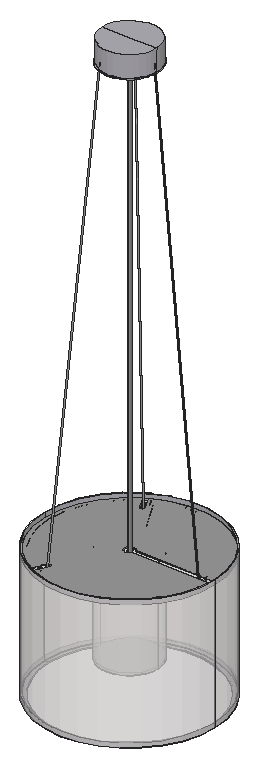
Revit family "Lighting - Lumetta - Pendant - P51814L2", category Lighting Fixtures, host Ceiling, Revit 2015
Parameters
  Wattage = 11.7117 W
  built-in parameter 1150110 = 1 (stored number, unit not read)
  URL = "https://lumetta.com/luminaires/drum-l2-18-pendant/"
  Type Comments = ""
  built-in parameter 1114217 = 1 (stored number, unit not read)
  Top Lens-Material [instance] = Acrylic - 2447 - White
  Top Lens [instance] = yes
  built-in parameter 1150109 = 1 (stored number, unit not read)
  built-in parameter 1150134 = (empty or 0)
  Suspension [instance] = 2
  built-in parameter 1150113 = 1 (stored number, unit not read)
  Stem Hung-ALL Lamping [instance] = Suspension = 3  # no
  Model URL [instance] = "https://lumetta.com/luminaires/drum-l2-18-pendant/"
  Light Source Symbol Size = 0' - 1"
  Diffuser Material-Outer-Inside [instance] = Shade - Lumetta - D61 - MT_White
  1CRD-3CBL- LED-4 Wire [instance] = Suspension = 2  # yes
  Coupling-Stems Over 60 inches [instance] = and([Stem Hung-ALL Lamping], Fixture Drop > 5' 0")  # no
  Model = "P51814 L2"  # constant formula
  Manufacturer = "Lumetta, Inc."  # constant formula
  Lumens = 1300 lm
  built-in parameter 1150115 = 1 (stored number, unit not read)
  built-in parameter 1150105 = 103.45 (stored number, unit not read)
  built-in parameter 1150137 = (empty or 0)
  built-in parameter 1150139 = (empty or 0)
  built-in parameter 1150112 = 1 (stored number, unit not read)
  built-in parameter 1150114 = 1 (stored number, unit not read)
  built-in parameter 1150132 = 1
  built-in parameter 1150102 = (empty or 0)
  built-in parameter 1150138 = (empty or 0)
  built-in parameter 1150107 = 3000 (stored number, unit not read)
  built-in parameter 1150106 = 1.0345 (stored number, unit not read)
  Frame Finish [instance] = Paint - Lumetta - F02 - PC_Chrome
  Fixture Drop [instance] = 4' - 0"
  built-in parameter 1150104 = 10.312 (stored number, unit not read)
  Dimming Lamp Color Temperature Shift = (empty or 0)
  Diffuser Material-Outer [instance] = Shade - Lumetta - D61 - MT_White
  Description = "Drum L2 18'' Pendant"  # constant formula
  Cord [instance] = or(Suspension = 1, Suspension = 2)  # yes
  3 Cables [instance] = or(Suspension = 1, Suspension = 2)  # yes
  1CRD-3CBL-STD and 2 or 3 Wire [instance] = Suspension = 1  # no
  Cord Color [instance] = Cord, Black
  Color Filter = 16777215
  built-in parameter 1114218 = 1 (stored number, unit not read)
  built-in parameter 1150133 = 10 (stored number, unit not read)
Reference planes (in)
  plane 1 "Light Source Axis (F/B)": y = 0
  plane 2 "Ceiling": z = 96
  plane 3 "Light Source Axis (L/R)": x = 0
  plane 4 "Light Source Elevation": z = 45.5
  plane 5 "Fixture-Top": z = 48
  plane 6 "Fixture-Radius": x = 9
  plane 7 "Fixture-Height": z = 34
  plane 8: through (0, 0, 0) normal (-0.5, -0.866, 0)
  plane 9: y = 0
  plane 10: through (0, 0, 0) normal (0.5, -0.866, 0)
  plane 11 "Plane-120": through (-4.5, 7.79423, 0) normal (0.5, -0.866, 0)
  plane 12 "Plane-240": through (-66.85383, 28.20577, 0) normal (0.5, 0.866, 0)
  plane 13: through (0, 0, 0) normal (-0.866, -0.5, 0)
  plane 14: through (0, 0, 0) normal (0.866, -0.5, 0)
Forms (in)
  Revolve 1, solid, material "Paint - Lumetta - F02 - PC_Chrome" <- "Frame Finish", visible <- "1CRD-3CBL-STD and 2 or 3 Wire"
    sketch origin (0, 0, 0) x (1, 0, 0) y (0, 0, 1)
      loop
        line (0, 96) -> (0, 94.9375) -> (0.2793, 94.9375) -> (0.375, 95.4375) -> (3, 95.4375) -> (3, 95.5) -> (2.87509, 95.5) -> (2.87509, 96) -> (0, 96)
      axis (0, 96) -> (0, 94.9375)
    angle from 0 to 360
  Extrusion 2, void
    sketch origin (0, 0, 95.4375) x (0, -1, 0) y (1, 0, 0)
      loop
        circle (0, 0) r 0.25
      loop
        circle (0, 2.5) r 0.06274
      loop
        circle (-2.16506, -1.25) r 0.06274
      loop
        circle (2.16506, -1.25) r 0.06274
    from 0 to 0.06358
  Revolve 3, solid, material "Paint - Lumetta - F02 - PC_Chrome" <- "Frame Finish"
    sketch origin (0, 0, 0) x (1, 0, 0) y (0, 0, 1)
      loop
        line (9, 48) -> (8.93781, 48) -> (8.93781, 47.56373) -> (8.50031, 47.56373) -> (8.50031, 47.50123) -> (9, 47.50123) -> (9, 48)
      loop
        line (9, 34.50004) -> (8.93781, 34.50004) -> (8.93781, 34.06378) -> (8.50031, 34.06378) -> (8.50031, 34) -> (9, 34) -> (9, 34.50004)
      axis (0, 48) -> (0, 34)
    angle from 0 to 360
  Revolve 4, solid, material "Shade - Lumetta - D61 - MT_White" <- "Diffuser Material-Outer"
    sketch origin (0, 0, 0) x (1, 0, 0) y (0, 0, 1)
      loop
        line (9, 48) -> (9, 34) -> (9.06242, 34) -> (9.06242, 48) -> (9, 48)
      axis (0, 48) -> (0, 34)
    angle from 0 to 360
  Revolve 5, solid, material "Paint - Lumetta - F02 - PC_Chrome" <- "Frame Finish", visible <- "1CRD-3CBL- LED-4 Wire"
    sketch origin (0, 0, 0) x (1, 0, 0) y (0, 0, 1)
      loop
        line (0, 96) -> (0, 93.22) -> (0.26563, 93.22) -> (0.36282, 93.72) -> (3, 93.72) -> (3, 93.78) -> (2.875, 93.78) -> (2.875, 96) -> (0, 96)
      axis (0, 96) -> (0, 93.22)
    angle from 0 to 360
  Extrusion 6, solid, material "Paint - Lumetta - F02 - PC_Chrome" <- "Frame Finish", visible <- "Stem Hung-ALL Lamping"
    sketch origin (0, 0, 48) x (0, -1, 0) y (-1, 0, 0)
      loop
        circle (0, 0) r 0.25
    from 0.56254 to -48
  Revolve 7, solid, material "Paint - Lumetta - F02 - PC_Chrome" <- "Frame Finish", visible <- "Coupling-Stems Over 60 inches"
    sketch origin (0, 0, 0) x (1, 0, 0) y (0, 0, 1)
      loop
        line (0, 108.53023) -> (0, 108) -> (0.26233, 108)
        arc (0.26233, 108) -> (0.31307, 108.05074) -> (0.26233, 108.10149) r 0.05074
        arc (0.26233, 108.10149) -> (0.29304, 108.26499) -> (0.26243, 108.42851) r 0.45126
        arc (0.26243, 108.42851) -> (0.31329, 108.47937) -> (0.26243, 108.53023) r 0.05086
        line (0.26243, 108.53023) -> (0, 108.53023)
      axis (0, 108.53023) -> (0, 108)
    angle from 0 to 360
  Revolve 8, solid, material "Paint - Lumetta - F02 - PC_Chrome" <- "Frame Finish", visible <- "Stem Hung-ALL Lamping"
    sketch origin (0, 0, 0) x (1, 0, 0) y (0, 0, 1)
      loop
        line (0, 96) -> (0, 93.40625) -> (0.34988, 93.40625)
        arc (0.34988, 93.40625) -> (0.49124, 93.54417) -> (0.58115, 93.72) r 0.61026
        line (0.58115, 93.72) -> (3, 93.72) -> (3, 93.78) -> (2.875, 93.78) -> (2.875, 96) -> (0, 96)
      axis (0, 96) -> (0, 93.40625)
    angle from 0 to 360
  Extrusion 9, solid, material "Cord, Black" <- "Cord Color", visible <- "Cord"
    sketch origin (0, 0, 48) x (0, -1, 0) y (1, 0, 0)
      loop
        circle (0, 0) r 0.15674
    from -0.56254 to 45.78
  Extrusion 10, solid
    sketch origin (0, 0, 48) x (0, -1, 0) y (1, 0, 0)
      loop
        line (-0.5, 8.48559) -> (-0.5, 7.75) -> (0.5, 7.75) -> (0.5, 8.48559)
        arc (0.5, 8.48559) -> (0, 8.50031) -> (-0.5, 8.48559) r 8.50031
      loop
        circle (0, 8) r 0.11051
      loop
        arc (-7.59873, -3.80978) -> (-7.36148, -4.25015) -> (-7.09873, -4.67581) r 8.50031
        line (-7.09873, -4.67581) -> (-6.4617, -4.30801) -> (-6.9617, -3.44199) -> (-7.59873, -3.80978)
      loop
        circle (-6.9282, -4) r 0.10826
      loop
        arc (7.09873, -4.67581) -> (7.36148, -4.25015) -> (7.59873, -3.80978) r 8.50031
        line (7.59873, -3.80978) -> (6.9617, -3.44199) -> (6.4617, -4.30801) -> (7.09873, -4.67581)
      loop
        circle (6.9282, -4) r 0.10826
    from -0.43627 to -0.49877
  Extrusion 11, solid, material "Paint - Lumetta - F11 - PC_White"
    sketch origin (0, 0, 48) x (0, -1, 0) y (1, 0, 0)
      loop
        circle (0, 8) r 0.11051
      loop
        line (-0.76833, 8.23292) -> (-0.76833, 3.91872) -> (-3.81453, -1.35746) -> (-7.49575, -3.48282) -> (-6.74575, -4.78185) -> (-3.00954, -2.62475) -> (3.08287, -2.62475) -> (6.76408, -4.7501) -> (7.51408, -3.45107) -> (3.77787, -1.29396) -> (0.73167, 3.98222) -> (0.73167, 8.23292) -> (-0.76833, 8.23292)
      loop
        circle (0, 7.25) r 0.15796
      loop
        circle (-6.9282, -4) r 0.11051
      loop
        circle (-6.27868, -3.625) r 0.15796
      loop
        circle (6.9282, -4) r 0.11051
      loop
        circle (6.27868, -3.625) r 0.15796
      loop
        circle (0, 0) r 0.25
    from -0.5625 to -0.49877
  Sweep 12, solid
    path origin (0, 0, 0) x (1, 0, 0) y (0, 0, 1)
      loop
        line (2.5, 95.50108) -> (7.25, 47.50123)
    profile origin (4.875, 0, 71.50116) x (0.995139, 0, 0.098478) y (0, -1, 0)
      loop
        circle (0, 0) r 0.03083
  Sweep 13, solid
    path origin (0, 0, 0) x (-0.5, 0.866025, 0) y (0, 0, 1)
      loop
        line (2.5, 95.50108) -> (7.25, 47.50123)
    profile origin (-2.4375, 4.22187, 71.50116) x (-0.49757, 0.861816, 0.098478) y (0.866025, 0.5, 0)
      loop
        circle (0, 0) r 0.03083
  Sweep 14, solid
    path origin (0, 0, 0) x (-0.5, -0.866025, 0) y (0, 0, 1)
      loop
        line (2.5, 95.50108) -> (7.25, 47.50123)
    profile origin (-2.4375, -4.22187, 71.50116) x (-0.49757, -0.861816, 0.098478) y (-0.866025, 0.5, 0)
      loop
        circle (0, 0) r 0.03083
  Extrusion 15, solid, material "Acrylic - 2447 - White" <- "Top Lens-Material", visible <- "Top Lens"
    sketch origin (0, 0, 48) x (0, -1, 0) y (1, 0, 0)
      loop
        arc (-7.87592, -4.08967) -> (-7.80002, -4.15205) -> (-7.70248, -4.14031) r 0.125
        line (-7.70248, -4.14031) -> (-6.41109, -3.39567)
        arc (-6.41109, -3.39567) -> (-6.04935, -3.4926) -> (-6.14587, -3.85504) r 0.26481
        line (-6.14587, -3.85504) -> (-7.43686, -4.60039)
        arc (-7.43686, -4.60039) -> (-7.49579, -4.67899) -> (-7.47971, -4.77591) r 0.125
        arc (-7.47971, -4.77591) -> (0, -8.87443) -> (7.47971, -4.77591) r 8.87443
        arc (7.47971, -4.77591) -> (7.49579, -4.67899) -> (7.43686, -4.60039) r 0.125
        line (7.43686, -4.60039) -> (6.14628, -3.85433)
        arc (6.14628, -3.85433) -> (6.04935, -3.4926) -> (6.4115, -3.39496) r 0.26481
        line (6.4115, -3.39496) -> (7.70248, -4.14031)
        arc (7.70248, -4.14031) -> (7.80002, -4.15205) -> (7.87592, -4.08967) r 0.125
        arc (7.87592, -4.08967) -> (7.68548, 4.43721) -> (0.39621, 8.86558) r 8.87443
        arc (0.39621, 8.86558) -> (0.30423, 8.83104) -> (0.26563, 8.7407) r 0.125
        line (0.26563, 8.7407) -> (0.26563, 0.52733)
        arc (0.26563, 0.52733) -> (0.27899, 0.4711) -> (0.31622, 0.42689) r 0.125
        arc (0.31622, 0.42689) -> (0, -0.53125) -> (-0.31622, 0.42689) r 0.53125
        arc (-0.31622, 0.42689) -> (-0.27899, 0.4711) -> (-0.26562, 0.52733) r 0.125
        line (-0.26562, 0.52733) -> (-0.26562, 8.7407)
        arc (-0.26562, 8.7407) -> (-0.30423, 8.83104) -> (-0.39621, 8.86558) r 0.125
        arc (-0.39621, 8.86558) -> (-7.68548, 4.43721) -> (-7.87592, -4.08967) r 8.87443
    from -0.375 to -0.43627
  Extrusion 16, solid, material "Acrylic - 2447 - White"
    sketch origin (0, 0, 48) x (0, -1, 0) y (1, 0, 0)
      loop
        circle (0, 0) r 3
      loop
        circle (0, 2) r 0.07031
      loop
        circle (0, -2) r 0.07031
      loop
        arc (-1.95829, -1.55405) -> (-1.89298, -1.60633) -> (-1.81142, -1.625) r 0.1875
        line (-1.81142, -1.625) -> (1.81142, -1.625)
        arc (1.81142, -1.625) -> (1.89298, -1.60633) -> (1.95829, -1.55405) r 0.1875
        arc (1.95829, -1.55405) -> (2.5, 0) -> (1.95829, 1.55405) r 2.5
        arc (1.95829, 1.55405) -> (1.89298, 1.60633) -> (1.81142, 1.625) r 0.1875
        line (1.81142, 1.625) -> (-1.81142, 1.625)
        arc (-1.81142, 1.625) -> (-1.89298, 1.60633) -> (-1.95829, 1.55405) r 0.1875
        arc (-1.95829, 1.55405) -> (-2.5, 0) -> (-1.95829, -1.55405) r 2.5
    from -0.80264 to -0.56254
  Extrusion 17, solid, material "Acrylic - P95 - Etched White"
    sketch origin (0, 0, 48) x (0, -1, 0) y (1, 0, 0)
      loop
        circle (0, 0) r 3
    from -10.55122 to -10.2986
  Revolve 18, solid, material "Shade - Lumetta - D61 - MT_White"
    sketch origin (0, 0, 0) x (1, 0, 0) y (0, 0, 1)
      loop
        line (3, 47.43746) -> (3, 37.43746) -> (3.03125, 37.43746) -> (3.03125, 47.43746) -> (3, 47.43746)
      axis (0, 47.43746) -> (0, 37.43746)
    angle from 0 to 360
  Revolve 19, solid, material "Shade - Lumetta - D61 - MT_White" <- "Diffuser Material-Outer-Inside"
    sketch origin (0, 0, 0) x (1, 0, 0) y (0, 0, 1)
      loop
        line (9, 47.50123) -> (8.9375, 47.50123) -> (8.9375, 34.06378) -> (9, 34.06378) -> (9, 47.50123)
      axis (0, 47.50123) -> (0, 34.06378)
    angle from 0 to 360
Dimensions and locks (in)
  equal spacing: host sketch curve, plane 3 "Light Source Axis (L/R)", host sketch curve
  equal spacing: host sketch curve, plane 1 "Light Source Axis (F/B)", host sketch curve
  host sketch curve to host sketch curve = 10' - 0"  (x2)
  "Fixture Drop": plane 2 "Ceiling" to plane 5 "Fixture-Top"
  locked: plane 5 "Fixture-Top" to plane 4 "Light Source Elevation" at 2.5
  plane 6 "Fixture-Radius" to plane 3 "Light Source Axis (L/R)" = 0' - 9"
  locked: plane 5 "Fixture-Top" to plane 7 "Fixture-Height" at 14
  locked: Revolve 1 sketch curve to plane 3 "Light Source Axis (L/R)" at 2.87509
  locked: Revolve 1 sketch curve to plane 3 "Light Source Axis (L/R)" at 3
  locked: Extrusion 2 sketch curve to Extrusion 2 sketch curve at 2.5
  locked: plane 6 "Fixture-Radius" to Revolve 3 sketch curve at 0.06219  (x2)
  locked: Revolve 4 sketch curve to plane 6 "Fixture-Radius" at 0.06242
  locked: Revolve 3 to Revolve 4 at 0.06378
  locked: Extrusion 6 sketch curve to imposter light
  locked: Extrusion 6 sketch curve to imposter light at 0
  Revolve 7 sketch curve to Revolve 7 sketch curve = 0' - 0.15822"
  locked: Revolve 7 sketch curve to Revolve 4 at 60
  locked: Revolve 7 sketch curve to Revolve 7 sketch curve at 0.53023
  locked: Revolve 7 sketch curve to Revolve 7 sketch curve at 0.26243
  locked: Revolve 7 sketch curve to Revolve 7 sketch curve at 0.26233
  locked: Revolve 7 sketch curve to Revolve 7 sketch curve at 0.05074
  locked: Revolve 7 sketch curve to Revolve 7 sketch curve at 0.47937
  locked: Revolve 7 sketch curve to Revolve 7 sketch curve at 0.26512
  locked: Revolve 8 sketch curve to Revolve 8 sketch curve at 2.875
  locked: Revolve 8 sketch curve to Revolve 8 sketch curve at 0.31375
  locked: plane 5 "Fixture-Top" to Revolve 3 sketch curve at 0.49877
  locked: Revolve 3 sketch curve to Revolve 3 sketch curve at 0.0625
  locked: Revolve 3 sketch curve to plane 7 "Fixture-Height" at 0.50004
  locked: plane 6 "Fixture-Radius" to Revolve 3 sketch curve at 0.49969
  locked: host ceiling to Revolve 5 sketch curve at 2.28
  locked: Revolve 5 sketch curve to Revolve 5 sketch curve at 0
  locked: Revolve 5 sketch curve to Revolve 5 sketch curve at 2.875
  locked: Revolve 5 sketch curve to Revolve 5 sketch curve at 0.26563
  locked: Revolve 5 sketch curve to Revolve 5 sketch curve at 0.36282
  locked: Revolve 5 sketch curve to Revolve 5 sketch curve at 0.06
  locked: Revolve 5 sketch curve to Revolve 5 sketch curve at 0.5
  locked: Revolve 1 sketch curve to Revolve 1 sketch curve at 0.0625
  locked: host ceiling to Revolve 1 sketch curve at 0.5625
  locked: Revolve 1 sketch curve to Revolve 1 sketch curve at 0.5625
  locked: Revolve 1 sketch curve to Revolve 1 sketch curve at 3
  Revolve 1 sketch curve to Revolve 1 sketch curve = 0' - 2.87509"
  locked: Revolve 1 sketch curve to Revolve 1 sketch curve at 0.5
  locked: Revolve 1 sketch curve to Revolve 1 sketch curve at 0.375
  locked: Revolve 1 sketch curve to Revolve 1 sketch curve at 0.2793
  equal spacing: Extrusion 10 sketch curve, plane 1 "Light Source Axis (F/B)", Extrusion 10 sketch curve
  locked: Extrusion 10 sketch curve to plane 1 "Light Source Axis (F/B)" at 0.5
  locked: Extrusion 10 sketch curve to plane 6 "Fixture-Radius" at 1
  locked: Extrusion 10 sketch curve to plane 6 "Fixture-Radius" at 1.25
  locked: Extrusion 11 sketch curve to plane 6 "Fixture-Radius" at 1
  locked: Extrusion 11 sketch curve to plane 6 "Fixture-Radius" at 1.75
  plane 10 to plane 11 "Plane-120" = 0' - 9"
  plane 12 "Plane-240" to plane 8 = 0' - 9"
  locked: plane 11 "Plane-120" to Extrusion 10 sketch curve at 1.25
  locked: Extrusion 10 sketch curve to plane 11 "Plane-120" at 1
  locked: plane 12 "Plane-240" to Extrusion 10 sketch curve at 1.25
  locked: Extrusion 10 sketch curve to plane 12 "Plane-240" at 1
  locked: Extrusion 11 sketch curve to plane 11 "Plane-120" at 0.76708
  locked: Extrusion 11 sketch curve to plane 12 "Plane-240" at 0.76708
  locked: Extrusion 11 sketch curve to plane 6 "Fixture-Radius" at 0.76708
  locked: Extrusion 11 sketch curve to plane 12 "Plane-240" at 1
  locked: Extrusion 11 sketch curve to plane 12 "Plane-240" at 1.75
  locked: Extrusion 11 sketch curve to plane 11 "Plane-120" at 1
  locked: Extrusion 11 sketch curve to plane 11 "Plane-120" at 1.75
  locked: plane 8 to Extrusion 11 sketch curve at 2.62475
  locked: plane 10 to Extrusion 11 sketch curve at 2.62475
  locked: Extrusion 11 sketch curve to plane 3 "Light Source Axis (L/R)" at 2.62475
  equal spacing: Extrusion 10 sketch curve, plane 13, Extrusion 10 sketch curve, locked at 0.5 each
  equal spacing: Extrusion 10 sketch curve, plane 14, Extrusion 10 sketch curve
  locked: plane 10 to Extrusion 2 sketch curve at 2.5
  locked: Extrusion 2 sketch curve to plane 8 at 2.5
  Extrusion 15 sketch curve to plane 6 "Fixture-Radius" = 0' - 9"
  locked: plane 5 "Fixture-Top" to Extrusion 15 at 0.375
  locked: Extrusion 15 sketch curve to plane 13 at 0.26562
  locked: plane 13 to Extrusion 15 sketch curve at 0.26563
  locked: Extrusion 15 sketch curve to plane 11 "Plane-120" at 1.75
  locked: Extrusion 16 sketch curve to Extrusion 16 sketch curve at 4
  locked: Extrusion 16 sketch curve to plane 3 "Light Source Axis (L/R)" at 0
  locked: Extrusion 16 sketch curve to plane 9 at 0
  locked: Extrusion 11 to Extrusion 16 at 0.24014
  locked: Extrusion 16 to Extrusion 17 at 9.98868
  locked: Extrusion 17 to Extrusion 17 at 0.25262
  locked: Revolve 18 sketch curve to Extrusion 16
  locked: Revolve 18 sketch curve to Revolve 18 sketch curve at 10
  locked: Revolve 18 sketch curve to plane 3 "Light Source Axis (L/R)" at 3
  locked: Revolve 18 sketch curve to Revolve 18 sketch curve at 0.03125
  locked: Revolve 19 sketch curve to plane 7 "Fixture-Height" at 0.06378
  locked: plane 5 "Fixture-Top" to Revolve 19 sketch curve at 0.49877
  locked: Revolve 19 sketch curve to Revolve 19 sketch curve at 0.0625
  locked: plane 6 "Fixture-Radius" to Revolve 19 sketch curve at 0
  diameter of Extrusion 16 sketch curve = 0' - 6"
  diameter of Extrusion 17 sketch curve = 0' - 6"
  aligned and locked: plane 3 "Light Source Axis (L/R)" to imposter light
  aligned and locked: plane 1 "Light Source Axis (F/B)" to imposter light
  aligned and locked: plane 4 "Light Source Elevation" to imposter light
  aligned and locked: Revolve 4 sketch curve to plane 3 "Light Source Axis (L/R)"
  aligned and locked: Revolve 7 sketch curve to Revolve 7 sketch curve  (x2)
  aligned and locked: host ceiling to Extrusion 6
  aligned and locked: Revolve 5 to Extrusion 9
  aligned and locked: Extrusion 10 to Revolve 3
  aligned and locked: Revolve 3 to Extrusion 10
  aligned and locked: Extrusion 11 to Extrusion 10
  aligned and locked: Extrusion 10 sketch curve to Revolve 3
  aligned and locked: Extrusion 15 to Revolve 3
  aligned and locked: Extrusion 16 to Extrusion 6
Automatic sketch dimensions
  Revolve 4 sketch curve to plane 6 "Fixture-Radius" = 0' - 0"
  Revolve 4 sketch curve to plane 7 "Fixture-Height" = 0' - 0"
  Revolve 4 sketch curve to plane 5 "Fixture-Top" = 0' - 0"
  plane 7 "Fixture-Height" to Revolve 4 sketch curve = 0' - 1 1/4"
  Revolve 4 sketch curve to plane 5 "Fixture-Top" = 0' - 2 1/4"
  Revolve 7 sketch curve to plane 3 "Light Source Axis (L/R)" = 0' - 0"
  Revolve 7 sketch curve to Revolve 7 sketch curve = 0' - 11.34317"
  Revolve 8 sketch curve to plane 3 "Light Source Axis (L/R)" = 0' - 0"  (x3)
  Revolve 8 sketch curve to plane 2 "Ceiling" = 0' - 0"
  plane 3 "Light Source Axis (L/R)" to Revolve 8 sketch curve = 0' - 0.34988"
  Revolve 8 sketch curve to Revolve 8 sketch curve = 0' - 0.23126"
  Revolve 8 sketch curve to Revolve 8 sketch curve = 0' - 0 1/8"
  Revolve 8 sketch curve to plane 2 "Ceiling" = 0' - 2 3/32"
  Revolve 8 sketch curve to Revolve 8 sketch curve = 0' - 0.06"
  plane 2 "Ceiling" to Revolve 8 sketch curve = 0' - 1 3/4"
  Revolve 8 sketch curve to Revolve 8 sketch curve = 0' - 2 1/2"
  Revolve 5 sketch curve to plane 2 "Ceiling" = 0' - 0"
  plane 2 "Ceiling" to Revolve 5 sketch curve = 0' - 1 3/4"
  Revolve 5 sketch curve to Revolve 5 sketch curve = 0' - 2 1/2"
  plane 1 "Light Source Axis (F/B)" to Extrusion 9 sketch curve = 0' - 0"
  Extrusion 9 sketch curve to plane 3 "Light Source Axis (L/R)" = 0' - 0"
  Revolve 3 sketch curve to plane 3 "Light Source Axis (L/R)" = 0' - 0"
  Revolve 3 sketch curve to plane 7 "Fixture-Height" = 0' - 0"
  Revolve 3 sketch curve to plane 5 "Fixture-Top" = 0' - 0"
  Revolve 3 sketch curve to plane 6 "Fixture-Radius" = 0' - 0"  (x2)
  Revolve 3 sketch curve to level = 0' - 10"
  Revolve 3 sketch curve to plane 2 "Ceiling" = 0' - 1"
  Revolve 3 sketch curve to Revolve 3 sketch curve = 0' - 0 7/16"
  Revolve 3 sketch curve to Revolve 3 sketch curve = 0' - 0.06378"
  Revolve 5 sketch curve to plane 3 "Light Source Axis (L/R)" = 0' - 0"
  Revolve 5 sketch curve to Revolve 5 sketch curve = 0' - 0 1/8"
  Revolve 1 sketch curve to plane 3 "Light Source Axis (L/R)" = 0' - 0"
  Revolve 1 sketch curve to plane 5 "Fixture-Top" = 0' - 1 1/4"
  Revolve 1 sketch curve to Revolve 1 sketch curve = 0' - 9 3/4"
  Extrusion 10 sketch curve to Extrusion 10 sketch curve = 0' - 0"  (x2)
  plane 1 "Light Source Axis (F/B)" to Extrusion 10 sketch curve = 0' - 0"  (x2)
  Extrusion 10 sketch curve to Extrusion 10 sketch curve = 0' - 0.03349"  (x2)
  Extrusion 10 sketch curve to Extrusion 10 sketch curve = 0' - 0.17053"
  Extrusion 10 sketch curve to plane 6 "Fixture-Radius" = 0' - 0.51441"
  Extrusion 10 sketch curve to plane 3 "Light Source Axis (L/R)" = 0' - 0"
  plane 1 "Light Source Axis (F/B)" to Extrusion 11 sketch curve = 0' - 0"  (x3)
  Extrusion 11 sketch curve to plane 3 "Light Source Axis (L/R)" = 0' - 0"
  Extrusion 11 sketch curve to plane 3 "Light Source Axis (L/R)" = 0' - 1.35746"
  Extrusion 11 sketch curve to Extrusion 11 sketch curve = 0' - 0.80499"
  Extrusion 11 sketch curve to Extrusion 11 sketch curve = 0' - 1.21707"
  Extrusion 11 sketch curve to Extrusion 11 sketch curve = 0' - 0.64952"  (x2)
  plane 1 "Light Source Axis (F/B)" to Extrusion 11 sketch curve = 0' - 0.73167"
  Extrusion 11 sketch curve to plane 3 "Light Source Axis (L/R)" = 0' - 1.29396"
  Extrusion 11 sketch curve to Extrusion 11 sketch curve = 0' - 0.69501"
  Extrusion 11 sketch curve to Extrusion 11 sketch curve = 0' - 0.4854"
  Extrusion 11 sketch curve to Extrusion 11 sketch curve = 0' - 0.0635"
  plane 14 to Extrusion 10 sketch curve = 0' - 0"
  plane 13 to Extrusion 10 sketch curve = 0' - 0"
  Extrusion 2 sketch curve to Revolve 1 = 0' - 0"
  Extrusion 2 sketch curve to Extrusion 2 sketch curve = 0' - 1 1/4"  (x2)
  Sweep 12 sketch curve to plane 2 "Ceiling" = 0' - 0.49892"
  plane 3 "Light Source Axis (L/R)" to Sweep 12 sketch curve = 0' - 2 1/2"
  plane 5 "Fixture-Top" to Sweep 12 sketch curve = 0' - 0.49877"
  Sweep 12 sketch curve to plane 6 "Fixture-Radius" = 0' - 1 3/4"
  Sweep 12 sketch curve to plane 1 "Light Source Axis (F/B)" = 0' - 0"
  Sweep 12 sketch curve to profile plane = 0' - 0"
  Sweep 13 sketch curve to plane 2 "Ceiling" = 0' - 0.49892"
  Sweep 13 sketch curve to plane 10 = 0' - 2 1/2"
  plane 5 "Fixture-Top" to Sweep 13 sketch curve = 0' - 0.49877"
  plane 11 "Plane-120" to Sweep 13 sketch curve = 0' - 1 3/4"
  Sweep 13 sketch curve to profile plane = 0' - 0"
  profile plane to Sweep 13 sketch curve = 0' - 0"
  Sweep 14 sketch curve to plane 2 "Ceiling" = 0' - 0.49892"
  plane 8 to Sweep 14 sketch curve = 0' - 2 1/2"
  plane 5 "Fixture-Top" to Sweep 14 sketch curve = 0' - 0.49877"
  plane 12 "Plane-240" to Sweep 14 sketch curve = 0' - 1 3/4"
  profile plane to Sweep 14 sketch curve = 0' - 0"  (x2)
  Extrusion 15 sketch curve to Extrusion 15 sketch curve = 0' - 0"  (x11)
  plane 13 to Extrusion 15 sketch curve = 0' - 0"
  plane 1 "Light Source Axis (F/B)" to Extrusion 15 sketch curve = 0' - 0"
  plane 14 to Extrusion 15 sketch curve = 0' - 0"
  Extrusion 15 sketch curve to Extrusion 15 sketch curve = 0' - 1.09568"  (x2)
  Extrusion 15 sketch curve to plane 3 "Light Source Axis (L/R)" = 0' - 4.60039"  (x2)
  Extrusion 15 sketch curve to plane 3 "Light Source Axis (L/R)" = 0' - 4.14031"
  Extrusion 15 sketch curve to Extrusion 15 sketch curve = 0' - 0 1/16"  (x3)
  Extrusion 15 sketch curve to plane 1 "Light Source Axis (F/B)" = 0' - 0 25/64"  (x2)
  Extrusion 15 sketch curve to Extrusion 15 sketch curve = 0' - 0 1/8"  (x3)
  plane 1 "Light Source Axis (F/B)" to Extrusion 15 sketch curve = 0' - 0 17/64"
  Extrusion 15 sketch curve to plane 3 "Light Source Axis (L/R)" = 0' - 3 5/8"
  Extrusion 15 sketch curve to Extrusion 15 sketch curve = 0' - 0 17/64"
  Extrusion 15 sketch curve to Extrusion 15 sketch curve = 0' - 0.10825"  (x4)
  Extrusion 15 sketch curve to Extrusion 15 sketch curve = 0' - 0.46008"
  Extrusion 15 sketch curve to plane 6 "Fixture-Radius" = 0' - 0.2593"  (x2)
  Extrusion 15 sketch curve to Extrusion 15 sketch curve = 0' - 0.1324"  (x3)
  Extrusion 15 sketch curve to plane 3 "Light Source Axis (L/R)" = 0' - 3.39496"
  Extrusion 15 sketch curve to plane 3 "Light Source Axis (L/R)" = 0' - 3.85504"
  Extrusion 15 sketch curve to Extrusion 15 sketch curve = 0' - 0.0506"
  Extrusion 15 sketch curve to Extrusion 15 sketch curve = 0' - 0 17/128"
  Extrusion 15 sketch curve to Extrusion 15 sketch curve = 0' - 0.00041"  (x2)
  Extrusion 15 sketch curve to Extrusion 15 sketch curve = 0' - 0.23004"
  Extrusion 15 sketch curve to Extrusion 15 sketch curve = 0' - 0.00071"  (x3)
  Extrusion 16 sketch curve to Extrusion 16 sketch curve = 0' - 0"  (x6)
  Extrusion 16 sketch curve to plane 1 "Light Source Axis (F/B)" = 0' - 1.81142"  (x2)
  Extrusion 16 sketch curve to plane 1 "Light Source Axis (F/B)" = 0' - 0"  (x2)
  plane 1 "Light Source Axis (F/B)" to Extrusion 16 sketch curve = 0' - 1.81142"  (x2)
  Extrusion 16 sketch curve to plane 3 "Light Source Axis (L/R)" = 0' - 1 7/16"  (x2)
  Extrusion 16 sketch curve to Extrusion 16 sketch curve = 0' - 0 3/16"  (x2)
  Extrusion 16 sketch curve to Extrusion 16 sketch curve = 0' - 0 3/8"  (x2)
  plane 3 "Light Source Axis (L/R)" to Extrusion 16 sketch curve = 0' - 1 7/16"
  plane 1 "Light Source Axis (F/B)" to Extrusion 17 sketch curve = 0' - 0"
  Extrusion 17 sketch curve to plane 3 "Light Source Axis (L/R)" = 0' - 0"
  Revolve 18 sketch curve to plane 3 "Light Source Axis (L/R)" = 0' - 0"
  Revolve 18 sketch curve to Revolve 18 sketch curve = 0' - 1 1/2"
  plane 4 "Light Source Elevation" to Revolve 18 sketch curve = 0' - 0.81254"
  Revolve 19 sketch curve to plane 3 "Light Source Axis (L/R)" = 0' - 0"
  plane 7 "Fixture-Height" to Revolve 19 sketch curve = 0' - 8.74877"
  plane 4 "Light Source Elevation" to Revolve 19 sketch curve = 0' - 1.24877"
  radius of Extrusion 6 sketch curve = 0' - 0 1/4"
  radius of Extrusion 9 sketch curve = 0' - 0.15674"
  radius of Extrusion 10 sketch curve = 0' - 0.11051"
  radius of Extrusion 10 sketch curve = 0' - 0.10826"  (x2)
  radius of Extrusion 11 sketch curve = 0' - 0.11051"  (x3)
  radius of Extrusion 11 sketch curve = 0' - 0.15796"  (x3)
  radius of Extrusion 11 sketch curve = 0' - 0 1/4"
  radius of Extrusion 2 sketch curve to Revolve 1 = 0' - 0 1/8"
  radius of Extrusion 2 sketch curve = 0' - 0.06274"  (x3)
  radius of Sweep 12 sketch curve = 0' - 0.03083"
  radius of Sweep 13 sketch curve = 0' - 0.03083"
  radius of Sweep 14 sketch curve = 0' - 0.03083"
  radius of Extrusion 16 sketch curve = 0' - 0 9/128"  (x2)
